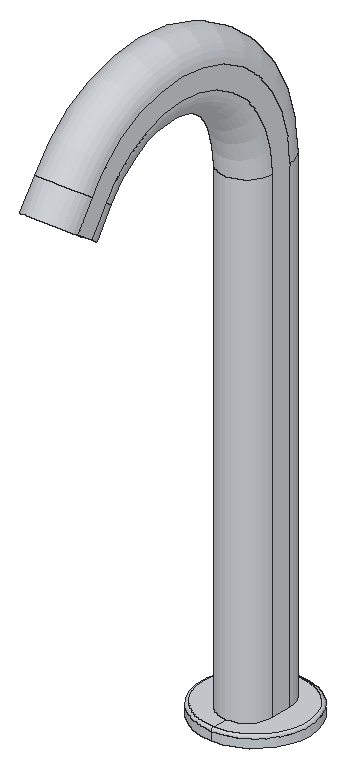
Revit family "Faucet_Touchless-Lavatory-KOHLER-Oblo_Tall-K-104B86_1", category Plumbing Fixtures, host Face, Revit 2017
Family settings
  Host = Face
  Round Connector Dimension = Use Diameter
  Part Type = Normal
  OmniClass Number = 23.31.11.00
  Cut with Voids When Loaded = No
  Shared = No
  Room Calculation Point = No
Parameters (values of type "CP-Polished Chrome")
  Width = 2 5/16"  # constant formula
  WaterSense Certified = 1 = 0  # no
  Waste Water Outlet = "Waste Water Outlet"  # constant formula
  Waste Connection = 1 = 0  # no
  Vent Connection = 1 = 0  # no
  URL = "https://www.us.kohler.com/us/"
  Tempered Water Inlet = "Tempered Water Inlet"  # constant formula
  Spout Reach = 5 3/16"  # constant formula
  Product Page URL = "http://www.us.kohler.com/us/catalog/productDetails.jsp?productNumber=104B86-SANA"
  Product Name = "Oblo Tall"  # constant formula
  Product Documentation Link = "https://www.us.kohler.com/webassets/kpna/catalog/pdf/en/K-104B86-SANA_spec.pdf"
  Pressure = 60.00 psi  # constant formula
  Model = "K-104B86-SANA-CP"  # constant formula
  Material = "Brass Construction"  # constant formula
  MasterFormat 2004 = "22.41.39"  # constant formula
  MasterFormat 1995 = "15410"  # constant formula
  Manufacturer Address = "444 Highland Dr, Kohler, WI 53044"  # constant formula
  Manufacturer = "KOHLER Co."  # constant formula
  Length = Spout Reach  # 5 3/16"
  Hot Water Inlet = "Hot Water Inlet"  # constant formula
  Height = 13 7/8"  # constant formula
  HW Connection = 1 = 1  # yes
  Flow Rate = 0.5 GPM  # constant formula
  Finish = Kohler-Metal-CP-Polished_Chrome
  Environmental Product Declaration = ""
  Drain Included = 1 = 1  # yes
  Description = "Touchless faucet with Kinesis sensor technology, DC-powered"  # constant formula
  Default Elevation = 36"
  Declare Label = ""
  Date Modified = "01/09/2020"  # constant formula
  Date Created = "01/09/2020"  # constant formula
  Copyright = "Copyright KOHLER Co."  # constant formula
  Contact Us = "https://www.us.kohler.com/us/static/contact.jsp"
  Cold Water Inlet = "Cold Water Inlet"  # constant formula
  CW Connection = 1 = 1  # yes
  Assembly Code = "D2010"
  ADA Compliant = 1 = 1  # yes
Reference planes (in)
  plane 1 "Center (Front/Back)": y = 0
  plane 2: z = 0
  plane 3 "Center (Left/Right)": x = 0
  plane 4: x = -1.15625
  plane 5: x = 1.15625
  plane 6: y = 1.15625
  plane 7: y = -1.15625
  plane 8: y = -5.1875
  plane 9: z = 13.875
  plane 10: z = 0.23622
  plane 11: z = 11.4375
  plane 12: y = -5.82161
  plane 13: x = -0.55118
  plane 14: x = 0.55118
Dimensions and locks (in)
  "Width": plane 4 to plane 5
  locked: plane 7 to plane 6 at 2.3125
  "Length": plane 8 to plane 1 "Center (Front/Back)"
  "Height": plane 9 to plane 2
  locked: level to plane 11 at 11.4375
  "Spout Reach": plane 1 "Center (Front/Back)" to plane 8
  aligned and locked: plane 2 to host face
  aligned and locked: level to host face
Automatic sketch dimensions
  host sketch curve to host sketch curve = 96"  (x2)
Nested families (in)
  nested 1: "K-104B86" at (0, 0, 0), type "K-104B86"
Connectors (in)
  piping at (0, 0, 0), diameter 0.375, driven by "Flow Rate", driven by "Pressure", driven by "HW Connection", driven by "Tempered Water Inlet"
    settings: on nested 1, index 1, connector inside diameter 24", connector length 0", flow factor 0, pipe flow 0.5 GPM, pressure drop 60.00 psi, fitting loss kfactor 0, connector angle 0.00°, fixture units 0, engagement length 0", angle of deflection 0.00°, flow configuration 1, flow direction 1, fitting loss method 4, system type 19, joint type 0, gender type 0, connector reference index -1, connector utility 1, adjustable connector no, is connector primary yes, connector description "Tempered Water Inlet"
Definition of nested family "K-104B86"
  Parameters (values of type "K-104B86")
    Material = none
  Reference planes (in)
    plane 1 "Center (Front/Back)": y = 0
    plane 2: z = 0
    plane 3 "Center (Left/Right)": x = 0
    plane 4: x = -1.15625
    plane 5: x = 1.15625
    plane 6: y = 1.15625
    plane 7: y = -1.15625
    plane 8: z = 13.875
    plane 9: y = -5.1875
    plane 10: z = 11.4375
    plane 11: y = 0.77357
    plane 12: y = -0.77357
    plane 13: z = 0.23622
    plane 14: y = -5.82121
    plane 15: x = -0.55118
    plane 16: x = 0.55118
  Forms (in)
    Revolve 1, solid, material <- "Material", detail levels medium+fine
      sketch origin (0, 0, 0) x (0, 1, 0) y (0, 0, 1)
        loop
          line (1.15625, 0) -> (1.15625, 0.17964)
          arc (1.15625, 0.17964) -> (1.13968, 0.21965) -> (1.09967, 0.23622) r 0.05658
          line (1.09967, 0.23622) -> (0, 0.23622) -> (0, 0) -> (1.15625, 0)
        axis (0, 0) -> (0, 0.23622)
      angle from 0 to 360
    Sweep 2, solid, material <- "Material", detail levels medium+fine
      path origin (0, 0, -0.04004) x (0, 1, 0) y (0, 0, 1)
        loop
          line (0, 0.27706) -> (0, 10.5154)
          arc (0, 10.5154) -> (-1.84846, 13.03639) -> (-4.80861, 12.03155) r 2.64332
          line (-4.80861, 12.03155) -> (-5.1875, 11.49044)
      profile origin (0, 0, 5.35619) x (0, -1, 0) y (1, 0, 0)
        loop
          spline (0.22638, -0.55118) -> (0.36802, -0.53239) -> (0.50001, -0.47732) -> (0.61335, -0.3897) -> (0.70031, -0.27552) -> (0.75496, -0.14256) -> (0.77357, 0.00012) -> (0.75489, 0.14279) -> (0.70018, 0.27573) -> (0.61318, 0.38987) -> (0.4998, 0.47744) -> (0.36779, 0.53246) -> (0.22613, 0.55118)
          line (0.22613, 0.55118) -> (-0.22638, 0.55118)
          spline (-0.22638, 0.55118) -> (-0.368, 0.5324) -> (-0.49998, 0.47734) -> (-0.6133, 0.38974) -> (-0.70026, 0.27559) -> (-0.75493, 0.14266) -> (-0.77358, 0) -> (-0.75493, -0.14266) -> (-0.70026, -0.27559) -> (-0.6133, -0.38974) -> (-0.49998, -0.47734) -> (-0.368, -0.5324) -> (-0.22638, -0.55118)
          line (-0.22638, -0.55118) -> (0.22638, -0.55118)
    Extrusion 3, solid, material <- "Material", detail levels coarse
      sketch origin (0, 0, 0) x (1, 0, 0) y (0, 1, 0)
        loop
          circle (0, 0) r 1.15625
      from 0 to 0.23622
    Sweep 4, solid, material <- "Material", detail levels coarse
      path origin (0, 0, -0.0166) x (0, 1, 0) y (0, 0, 1)
        loop
          line (0, 0.22048) -> (0, 10.47048)
          arc (0, 10.47048) -> (-1.8532, 12.99792) -> (-4.82093, 11.99051) r 2.6501
          line (-4.82093, 11.99051) -> (-5.1875, 11.467)
      profile origin (0, 0, 5.32887) x (0, -1, 0) y (1, 0, 0)
        loop
          spline (0.77362, 0) -> (0.74726, 0.14266) -> (0.66997, 0.27559) -> (0.54703, 0.38974) -> (0.38681, 0.47734) -> (0.20023, 0.5324) -> (0, 0.55118) -> (-0.20023, 0.5324) -> (-0.38681, 0.47734) -> (-0.54703, 0.38974) -> (-0.66997, 0.27559) -> (-0.74726, 0.14266) -> (-0.77362, 0)
          spline (-0.77362, 0) -> (-0.74726, -0.14266) -> (-0.66997, -0.27559) -> (-0.54703, -0.38974) -> (-0.38681, -0.47734) -> (-0.20023, -0.5324) -> (0, -0.55118) -> (0.20023, -0.5324) -> (0.38681, -0.47734) -> (0.54703, -0.38974) -> (0.66997, -0.27559) -> (0.74726, -0.14266) -> (0.77362, 0)
    Extrusion 5, void
      sketch origin (0, -5.1875, 11.4504) x (1, 0, 0) y (0, -0.819152, 0.573576)
        loop
          circle (0, 0.08619) r 0.5
        loop
          circle (0, 0.08619) r 0.48516
        loop
          circle (0, 0.08619) r 0.41777
      from -0.10741 to 0.12297
    Extrusion 6, solid, detail levels medium+fine
      sketch origin (0, -5.1875, 11.4504) x (1, 0, 0) y (0, -0.819152, 0.573576)
        loop
          arc (-0.04918, 0.25288) -> (-0.14389, 0.21852) -> (-0.22101, 0.15368) r 0.2885
          line (-0.22101, 0.15368) -> (-0.18642, 0.13371) -> (-0.23596, 0.0479) -> (-0.27055, 0.06787)
          arc (-0.27055, 0.06787) -> (-0.28814, -0.03134) -> (-0.27055, -0.13054) r 0.2885
          line (-0.27055, -0.13054) -> (-0.23596, -0.11057) -> (-0.18642, -0.19638) -> (-0.22101, -0.21635)
          arc (-0.22101, -0.21635) -> (-0.14389, -0.28119) -> (-0.04918, -0.31556) r 0.2885
          line (-0.04918, -0.31556) -> (-0.04918, -0.27561) -> (0.0499, -0.27561) -> (0.0499, -0.31556)
          arc (0.0499, -0.31556) -> (0.14461, -0.28119) -> (0.22173, -0.21635) r 0.2885
          line (0.22173, -0.21635) -> (0.18714, -0.19638) -> (0.23668, -0.11057) -> (0.27127, -0.13054)
          arc (0.27127, -0.13054) -> (0.28887, -0.03134) -> (0.27127, 0.06787) r 0.2885
          line (0.27127, 0.06787) -> (0.23668, 0.0479) -> (0.18714, 0.13371) -> (0.22173, 0.15368)
          arc (0.22173, 0.15368) -> (0.14461, 0.21852) -> (0.0499, 0.25288) r 0.2885
          line (0.0499, 0.25288) -> (0.0499, 0.21294) -> (-0.04918, 0.21294) -> (-0.04918, 0.25288)
      from -0.10741 to -0.08036
    Extrusion 7, solid, material <- "Material", detail levels medium+fine
      sketch origin (0, 0, 0) x (1, 0, 0) y (0, 1, 0)
        loop
          circle (0, 0) r 0.07014
      from 0 to 0.01356
  Cuts and joins
    Extrusion 5 cuts Sweep 2
    joined: Revolve 1, Sweep 2
    joined: Extrusion 3, Sweep 4
  Lines and regions (in)
    Masking region 1
      outline origin (0, 0, 0) x (1, 0, 0) y (0, 1, 0)
        loop
          arc (0.55118, -1.01642) -> (1.12075, 0.28432) -> (0, 1.15625) r 1.15625
          arc (0, 1.15625) -> (-1.12075, 0.28432) -> (-0.55118, -1.01642) r 1.15625
          line (-0.55118, -1.01642) -> (-0.55118, -5.37338)
          spline (-0.55118, -5.37338) -> (-0.53241, -5.48935) -> (-0.47738, -5.59743) -> (-0.38983, -5.69025) -> (-0.27574, -5.76149) -> (-0.14286, -5.80629) -> (-0.00026, -5.82161) -> (0.14237, -5.8064) -> (0.27529, -5.7617) -> (0.38947, -5.69055) -> (0.47712, -5.5978) -> (0.53228, -5.48976) -> (0.55118, -5.37379)
          line (0.55118, -5.37379) -> (0.55118, -1.01642)
    Masking region 2
      outline origin (0, 0, 0) x (1, 0, 0) y (0, 0, 1)
        loop
          line (1.15625, 0) -> (1.15625, 0.18027)
          arc (1.15625, 0.18027) -> (1.13986, 0.21983) -> (1.1003, 0.23622) r 0.05595
          line (1.1003, 0.23622) -> (0.55118, 0.23622) -> (0.55118, 13.32382)
          arc (0.55118, 13.32382) -> (0, 13.875) -> (-0.55118, 13.32382) r 0.55118
          line (-0.55118, 13.32382) -> (-0.55118, 0.23622) -> (-1.1003, 0.23622)
          arc (-1.1003, 0.23622) -> (-1.13986, 0.21983) -> (-1.15625, 0.18027) r 0.05595
          line (-1.15625, 0.18027) -> (-1.15625, 0) -> (1.15625, 0)
    Masking region 3
      outline origin (0, 0, 0) x (0, 1, 0) y (0, 0, 1)
        loop
          line (1.15625, 0) -> (1.15625, 0.18047)
          arc (1.15625, 0.18047) -> (1.13992, 0.21989) -> (1.1005, 0.23622) r 0.05575
          line (1.1005, 0.23622) -> (0.77357, 0.23622) -> (0.77357, 10.45316)
          arc (0.77357, 10.45316) -> (-1.62074, 13.71859) -> (-5.45502, 12.41703) r 3.4239
          line (-5.45502, 12.41703) -> (-5.82121, 11.88123) -> (-4.55988, 10.99804) -> (-4.18005, 11.5405)
          arc (-4.18005, 11.5405) -> (-2.08305, 12.25234) -> (-0.77357, 10.46644) r 1.87256
          line (-0.77357, 10.46644) -> (-0.77357, 0.23622) -> (-1.1005, 0.23622)
          arc (-1.1005, 0.23622) -> (-1.13992, 0.21989) -> (-1.15625, 0.18047) r 0.05575
          line (-1.15625, 0.18047) -> (-1.15625, 0) -> (1.15625, 0)
    symbolic lines, detail levels medium+fine
      curve 1: spline (-0.55118, 0.22638, 0) -> (-0.5324, 0.368, 0) -> (-0.47734, 0.49998, 0) -> (-0.38974, 0.6133, 0) -> (-0.27559, 0.70026, 0) -> (-0.14266, 0.75493, 0) -> (0, 0.77357, 0) -> (0.14266, 0.75493, 0) -> (0.27559, 0.70026, 0) -> (0.38974, 0.6133, 0) -> (0.47734, 0.49998, 0) -> (0.5324, 0.368, 0) -> (0.55118, 0.22638, 0)
      curve 2: line (-0.55118, 0.22638, 0) -> (-0.55118, -1.01642, 0)
      curve 3: line (0.55118, 0.22638, 0) -> (0.55118, -1.01642, 0)
      curve 4: line (-0.55118, 0, 0.23622) -> (0.55118, 0, 0.23622)
      curve 5: line (0, 0.77357, 0.23622) -> (0, -0.77357, 0.23622)
      curve 6: line (0, 0.30078, 0.23622) -> (0, 0.30078, 10.29809)
      curve 7: line (0, -0.30078, 0.23622) -> (0, -0.30078, 10.43401)
      curve 8: line (0, -4.94717, 11.26922) -> (0, -4.58594, 11.78512)
      curve 9: line (0, -5.43995, 11.61426) -> (0, -5.15667, 12.01882)
      curve 10: arc (0, -0.30078, 10.43401) -> (0, -1.94803, 12.68057) -> (0, -4.58594, 11.78512) r 2.35558
      curve 11: arc (0, 0.30078, 10.29809) -> (0, -1.7971, 13.15924) -> (0, -5.15667, 12.01882) r 3
      curve 12: spline (0.55118, 0, 11.58024) -> (0.5324, 0, 11.66147) -> (0.47734, 0, 11.73717) -> (0.38974, 0, 11.80217) -> (0.27559, 0, 11.85205) -> (0.14266, 0, 11.88341) -> (0, 0, 11.8941) -> (-0.14266, 0, 11.88341) -> (-0.27559, 0, 11.85205) -> (-0.38974, 0, 11.80217) -> (-0.47734, 0, 11.73717) -> (-0.5324, 0, 11.66147) -> (-0.55118, 0, 11.58024)
      curve 13: spline (-0.55118, 0, 11.32055) -> (-0.53239, 0, 11.23931) -> (-0.47732, 0, 11.1636) -> (-0.3897, 0, 11.09859) -> (-0.27552, 0, 11.04872) -> (-0.14256, 0, 11.01737) -> (0.00012, 0, 11.00669) -> (0.14279, 0, 11.01741) -> (0.27573, 0, 11.04879) -> (0.38987, 0, 11.09869) -> (0.47744, 0, 11.16372) -> (0.53246, 0, 11.23944) -> (0.55118, 0, 11.32069)
      curve 14: spline (0.5, 0, 11.49983) -> (0.48296, 0, 11.42561) -> (0.43301, 0, 11.35644) -> (0.35355, 0, 11.29704) -> (0.25, 0, 11.25147) -> (0.12941, 0, 11.22282) -> (0, 0, 11.21304) -> (-0.12941, 0, 11.22282) -> (-0.25, 0, 11.25147) -> (-0.35355, 0, 11.29704) -> (-0.43301, 0, 11.35644) -> (-0.48296, 0, 11.42561) -> (-0.5, 0, 11.49983) -> (-0.48296, 0, 11.57406) -> (-0.43301, 0, 11.64323) -> (-0.35355, 0, 11.70262) -> (-0.25, 0, 11.7482) -> (-0.12941, 0, 11.77685) -> (0, 0, 11.78662) -> (0.12941, 0, 11.77685) -> (0.25, 0, 11.7482) -> (0.35355, 0, 11.70262) -> (0.43301, 0, 11.64323) -> (0.48296, 0, 11.57406) -> (0.5, 0, 11.49983)
      curve 15: spline (0.48516, 0, 11.49983) -> (0.46863, 0, 11.57186) -> (0.42016, 0, 11.63897) -> (0.34306, 0, 11.6966) -> (0.24258, 0, 11.74083) -> (0.12557, 0, 11.76863) -> (0, 0, 11.77811) -> (-0.12557, 0, 11.76863) -> (-0.24258, 0, 11.74083) -> (-0.34306, 0, 11.6966) -> (-0.42016, 0, 11.63897) -> (-0.46863, 0, 11.57186) -> (-0.48516, 0, 11.49983) -> (-0.46863, 0, 11.42781) -> (-0.42016, 0, 11.3607) -> (-0.34306, 0, 11.30306) -> (-0.24258, 0, 11.25884) -> (-0.12557, 0, 11.23104) -> (0, 0, 11.22156) -> (0.12557, 0, 11.23104) -> (0.24258, 0, 11.25884) -> (0.34306, 0, 11.30306) -> (0.42016, 0, 11.3607) -> (0.46863, 0, 11.42781) -> (0.48516, 0, 11.49983)
      curve 16: spline (0.41777, 0, 11.49983) -> (0.40354, 0, 11.43781) -> (0.3618, 0, 11.38002) -> (0.29541, 0, 11.33039) -> (0.20889, 0, 11.29231) -> (0.10813, 0, 11.26837) -> (0, 0, 11.26021) -> (-0.10813, 0, 11.26837) -> (-0.20888, 0, 11.29231) -> (-0.29541, 0, 11.33039) -> (-0.3618, 0, 11.38002) -> (-0.40354, 0, 11.43781) -> (-0.41777, 0, 11.49983) -> (-0.40354, 0, 11.56185) -> (-0.3618, 0, 11.61964) -> (-0.29541, 0, 11.66927) -> (-0.20888, 0, 11.70735) -> (-0.10813, 0, 11.73129) -> (0, 0, 11.73946) -> (0.10813, 0, 11.73129) -> (0.20889, 0, 11.70735) -> (0.29541, 0, 11.66927) -> (0.3618, 0, 11.61964) -> (0.40354, 0, 11.56185) -> (0.41777, 0, 11.49983)
      curve 17: spline (-0.41067, 0, 11.54382) -> (-0.39909, 0, 11.51697) -> (-0.3822, 0, 11.49106) -> (-0.36021, 0, 11.46643) -> (-0.33342, 0, 11.44343) -> (-0.30218, 0, 11.42235) -> (-0.26692, 0, 11.40348) -> (-0.2281, 0, 11.38706) -> (-0.18624, 0, 11.37332) -> (-0.14189, 0, 11.36244) -> (-0.09566, 0, 11.35456) -> (-0.04815, 0, 11.34979) -> (0, 0, 11.34819)
      curve 18: spline (0, 0, 11.34819) -> (0.04815, 0, 11.34979) -> (0.09566, 0, 11.35456) -> (0.14189, 0, 11.36244) -> (0.18624, 0, 11.37332) -> (0.2281, 0, 11.38706) -> (0.26692, 0, 11.40348) -> (0.30218, 0, 11.42235) -> (0.33342, 0, 11.44343) -> (0.36021, 0, 11.46643) -> (0.3822, 0, 11.49106) -> (0.39909, 0, 11.51697) -> (0.41067, 0, 11.54382)
      curve 19: line (-0.04918, 0, 11.35738) -> (-0.04918, 0, 11.38029)
      curve 20: line (0.0499, 0, 11.38029) -> (0.0499, 0, 11.35738)
      curve 21: spline (0.22173, 0, 11.41428) -> (0.21053, 0, 11.40704) -> (0.19862, 0, 11.40019) -> (0.18602, 0, 11.39374) -> (0.17279, 0, 11.38773) -> (0.15898, 0, 11.38218) -> (0.14461, 0, 11.37709) -> (0.12976, 0, 11.3725) -> (0.11446, 0, 11.36842) -> (0.09877, 0, 11.36485) -> (0.08275, 0, 11.36182) -> (0.06644, 0, 11.35932) -> (0.0499, 0, 11.35738)
      curve 22: line (0.18714, 0, 11.42574) -> (0.22173, 0, 11.41428)
      curve 23: line (0.23668, 0, 11.47496) -> (0.18714, 0, 11.42574)
      curve 24: line (0.27127, 0, 11.4635) -> (0.23668, 0, 11.47496)
      curve 25: spline (0.27127, 0, 11.57731) -> (0.27661, 0, 11.56812) -> (0.281, 0, 11.55878) -> (0.28443, 0, 11.5493) -> (0.28689, 0, 11.53972) -> (0.28837, 0, 11.53008) -> (0.28887, 0, 11.5204) -> (0.28837, 0, 11.51073) -> (0.28689, 0, 11.50109) -> (0.28443, 0, 11.49151) -> (0.281, 0, 11.48203) -> (0.27661, 0, 11.47269) -> (0.27127, 0, 11.4635)
      curve 26: line (0.23668, 0, 11.56585) -> (0.27127, 0, 11.57731)
      curve 27: line (0.18714, 0, 11.61507) -> (0.23668, 0, 11.56585)
      curve 28: spline (0.0499, 0, 11.68343) -> (0.06644, 0, 11.68149) -> (0.08275, 0, 11.67899) -> (0.09877, 0, 11.67596) -> (0.11446, 0, 11.67239) -> (0.12976, 0, 11.66831) -> (0.14461, 0, 11.66371) -> (0.15898, 0, 11.65863) -> (0.17279, 0, 11.65308) -> (0.18602, 0, 11.64707) -> (0.19862, 0, 11.64062) -> (0.21053, 0, 11.63377) -> (0.22173, 0, 11.62653)
      curve 29: line (0.22173, 0, 11.62653) -> (0.18714, 0, 11.61507)
      curve 30: line (0.0499, 0, 11.68343) -> (0.0499, 0, 11.63836)
      curve 31: line (0.0499, 0, 11.63836) -> (-0.04918, 0, 11.63836)
      curve 32: line (-0.04918, 0, 11.63836) -> (-0.04918, 0, 11.68343)
      curve 33: spline (-0.22101, 0, 11.62653) -> (-0.20981, 0, 11.63377) -> (-0.1979, 0, 11.64062) -> (-0.1853, 0, 11.64707) -> (-0.17207, 0, 11.65308) -> (-0.15825, 0, 11.65863) -> (-0.14389, 0, 11.66371) -> (-0.12904, 0, 11.66831) -> (-0.11374, 0, 11.67239) -> (-0.09805, 0, 11.67596) -> (-0.08202, 0, 11.67899) -> (-0.06572, 0, 11.68149) -> (-0.04918, 0, 11.68343)
      curve 34: line (-0.18642, 0, 11.61507) -> (-0.22101, 0, 11.62653)
      curve 35: line (-0.23596, 0, 11.56585) -> (-0.18642, 0, 11.61507)
      curve 36: line (-0.27055, 0, 11.57731) -> (-0.23596, 0, 11.56585)
      curve 37: spline (-0.27055, 0, 11.4635) -> (-0.27589, 0, 11.47269) -> (-0.28028, 0, 11.48203) -> (-0.28371, 0, 11.49151) -> (-0.28617, 0, 11.50109) -> (-0.28765, 0, 11.51073) -> (-0.28814, 0, 11.5204) -> (-0.28765, 0, 11.53008) -> (-0.28617, 0, 11.53972) -> (-0.28371, 0, 11.5493) -> (-0.28028, 0, 11.55878) -> (-0.27589, 0, 11.56812) -> (-0.27055, 0, 11.57731)
      curve 38: line (-0.23596, 0, 11.47496) -> (-0.27055, 0, 11.4635)
      curve 39: line (-0.18642, 0, 11.42574) -> (-0.23596, 0, 11.47496)
      curve 40: line (-0.22101, 0, 11.41428) -> (-0.18642, 0, 11.42574)
      curve 41: spline (-0.04918, 0, 11.35738) -> (-0.06572, 0, 11.35932) -> (-0.08202, 0, 11.36182) -> (-0.09805, 0, 11.36485) -> (-0.11374, 0, 11.36842) -> (-0.12904, 0, 11.3725) -> (-0.14389, 0, 11.37709) -> (-0.15825, 0, 11.38218) -> (-0.17207, 0, 11.38773) -> (-0.1853, 0, 11.39374) -> (-0.1979, 0, 11.40019) -> (-0.20981, 0, 11.40704) -> (-0.22101, 0, 11.41428)
      curve 42: line (0.0499, 0, 11.38029) -> (-0.04918, 0, 11.38029)
  Dimensions and locks (in)
    plane 4 to plane 5 = 2 5/16"
    plane 8 to plane 2 = 13 7/8"
    plane 1 "Center (Front/Back)" to plane 9 = 5 3/16"
    plane 10 to plane 2 = 11 7/16"
    plane 11 to plane 12 = 1.54715"
    aligned and locked: plane 2 to level
